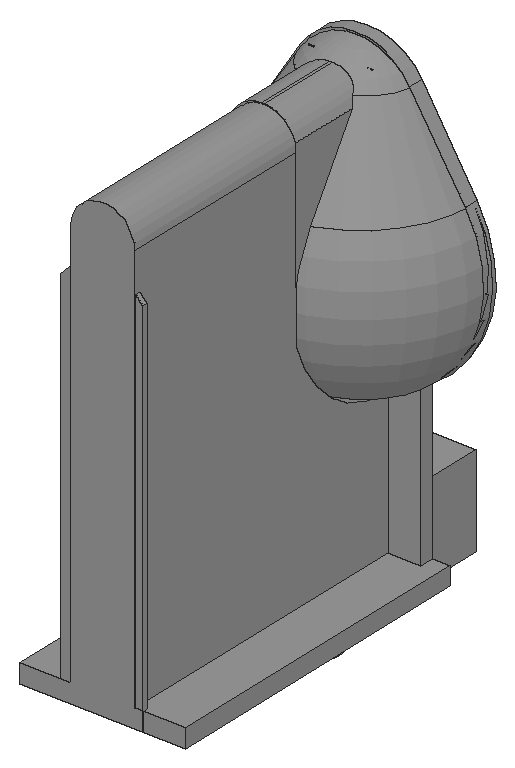
Revit family "Toilet-Willoughby-1490-ASETW-FM-HC-BS", category Plumbing Fixtures, host Face, Revit 2014
Parameters (values of type "Standard")
  Waste DIA = 2 1/2"
  Waste Connection = yes
  W-RAD [instance] = Waste DIA / 2  # 0' - 1 1/4"
  Vent Connection = no
  URL = "www.willoughby-ind.com"
  Type Comments = ""
  Revision = "A"
  Model = "ASETW-1490-FM-HC-BS"
  Manufacturer = "Willoughby Industries"
  HW Connection = no
  Flush inlet DIA = 1 1/2"
  Flush Inlet Connection = yes
  Fixture Body = Stainless Steel AISI 304-Willoughby
  F-RAD [instance] = Flush inlet DIA / 2  # 0' - 0 3/4"
  Description = "Ligature resistant /Handicap Toilet"
  Default Elevation = 0' - 0"
  Contact Number = "(800) 428-4065"
  CW Connection = no
Reference planes (in)
  plane 1 "Base": y = -16.25
  plane 2: z = 0
  plane 3 "Center": x = 18.31072
  plane 4 "Waste height": y = -4.75
  plane 5: y = -1.25
  plane 6: z = -6.75
  plane 7: y = -2.125
  plane 8: y = -14.0625
  plane 9: y = 0.5
  plane 10: x = 16.56072
  plane 11: x = 20.06072
  plane 12: x = 11.56072
  plane 13: x = 25.06072
  plane 14: z = -3
  plane 15: z = 25
  plane 16 "Floor level": y = -19.25
Forms (in)
  Extrusion 1, solid, material "Stainless Steel AISI 304-Willoughby" <- "Fixture Body"
    sketch origin (16.08109, 7.47968, -7.1422) x (-1, 0, 0) y (0, 0, -1)
      loop
        line (1.29775, -16.80087) -> (1.29775, -7.1422) -> (-5.72963, -7.1422) -> (-5.72963, -16.81676)
        arc (-5.72963, -16.81676) -> (-8.98136, -21.11843) -> (-8.21015, -26.45542) r 7
        line (-8.21015, -26.45542) -> (-5.16818, -31.31054)
        arc (-5.16818, -31.31054) -> (-2.20225, -32.95225) -> (0.76368, -31.31054) r 3.5
        line (0.76368, -31.31054) -> (3.80565, -26.45542)
        arc (3.80565, -26.45542) -> (4.5729, -21.10311) -> (1.29775, -16.80087) r 7
      loop
        arc (2.03989, -24.70557) -> (-2.20225, -18.23804) -> (-6.44438, -24.70557) r 4.625
        line (-6.44438, -24.70557) -> (-4.04125, -30.23842)
        arc (-4.04125, -30.23842) -> (-2.20225, -31.45225) -> (-0.36324, -30.23842) r 2
        line (-0.36324, -30.23842) -> (2.03989, -24.70557)
    from 8.72968 to 9.5
  Revolve 2, solid, material "Stainless Steel AISI 304-Willoughby" <- "Fixture Body"
    sketch origin (19.37246, -1.52032, -3.93826) x (-1, 0, 0) y (0, 0, -1)
      loop
        line (1.06174, -12.59906) -> (1.06174, -12.84906)
        arc (1.06174, -12.84906) -> (6.96784, -16.33096) -> (6.78077, -23.18447) r 6.75
        line (6.78077, -23.18447) -> (3.81535, -27.91457)
        arc (3.81535, -27.91457) -> (2.63527, -29.03194) -> (1.06174, -29.43826) r 3.25
        line (1.06174, -29.43826) -> (1.06174, -29.68826)
        arc (1.06174, -29.68826) -> (2.75672, -29.25045) -> (4.02767, -28.04656) r 3.5
        line (4.02767, -28.04656) -> (7.06964, -23.19143)
        arc (7.06964, -23.19143) -> (7.15052, -16.14555) -> (1.06174, -12.59906) r 7
      axis (1.06174, -12.59906) -> (1.06174, -29.68826)
    angle from 0 to -180
  Extrusion 3, solid, material "Stainless Steel AISI 304-Willoughby" <- "Fixture Body"
    sketch origin (19.53334, -3.02032, -4.9508) x (0, 1, 0) y (0, 0, 1)
      loop
        line (-5.27082, 4.9508) -> (1, 4.9508) -> (1, 13.76086)
        arc (1, 13.76086) -> (-2.93256, 15.26109) -> (-5.27082, 18.76086) r 6.92744
        line (-5.27082, 18.76086) -> (-5.27082, 4.9508)
    from 0.52738 to -2.97262
  Extrusion 4, solid, material "Stainless Steel AISI 304-Willoughby" <- "Fixture Body"
    sketch origin (0, 14.59309, -3) x (1, 0, 0) y (0, 1, 0)
      loop
        circle (18.31072, -19.34309) r 1.25
    from 5.5 to 0
  Extrusion 5, solid, material "Stainless Steel AISI 304-Willoughby" <- "Fixture Body"
    sketch origin (18.31072, 0, -1) x (0, 1, 0) y (0, 0, 1)
      loop
        line (-1.25, 1) -> (1.75, 1) -> (1.75, 6) -> (-1.25, 6) -> (-1.25, 1)
    from -3.52738 to 3.5
  Extrusion 6, solid, material "Stainless Steel AISI 304-Willoughby" <- "Fixture Body"
    sketch origin (0, 0, 0) x (1, 0, 0) y (0, 1, 0)
      loop
        circle (18.31072, 0.5) r 0.75
    from 0 to 1
  Extrusion 7, solid, material "Stainless Steel AISI 304-Willoughby" <- "Fixture Body"
    sketch origin (0, -16.25, 0) x (1, 0, 0) y (0, 0, 1)
      loop
        line (22.81072, 0) -> (22.81072, 1) -> (13.81072, 1) -> (13.81072, 0) -> (22.81072, 0)
    from -15 to 3
  Extrusion 8, solid, material "Stainless Steel AISI 304-Willoughby" <- "Fixture Body"
    sketch origin (0, -16.25, 0) x (1, 0, 0) y (0, 0, 1)
      loop
        line (20.06072, 0) -> (20.06072, 23.28412)
        arc (20.06072, 23.28412) -> (18.31072, 25.03412) -> (16.56072, 23.28412) r 1.75
        line (16.56072, 23.28412) -> (16.56072, 0) -> (20.06072, 0)
    from 3 to -7.95886
  Extrusion 9, solid, material "Stainless Steel AISI 304-Willoughby" <- "Fixture Body"
    sketch origin (0, -19.25, -12) x (0, 0, -1) y (-1, 0, 0)
      loop
        line (-12, -19.99494) -> (-12, -16.49494) -> (-12, -15.99494) -> (-32.75, -15.99494) -> (-33.25, -16.49494) -> (-33.25, -19.99494) -> (-32.75, -20.49494) -> (-12, -20.49494) -> (-12, -19.99494)
    from 0.2712 to 0
  Extrusion 10, solid, material "Stainless Steel AISI 304-Willoughby" <- "Fixture Body"
    sketch origin (18.31072, 0, 0) x (0, 1, 0) y (0, 0, 1)
      loop
        line (-3.0438, 25.03193) -> (-8.29114, 25.03193) -> (-8.29114, 16.73622)
        arc (-8.29114, 16.73622) -> (-8.25839, 17.11069) -> (-8.16113, 17.47379) r 2.15729
        arc (-8.16113, 17.47379) -> (-7.78826, 18.37428) -> (-7.33828, 19.23882) r 11.16687
        arc (-7.33828, 19.23882) -> (-5.85557, 21.70663) -> (-4.28753, 24.12112) r 82.3759
        arc (-4.28753, 24.12112) -> (-3.71235, 24.64027) -> (-3.0438, 25.03193) r 3.79911
    from 1.75 to -1.75
  Extrusion 11, void
    sketch origin (0, -16.25, 0) x (1, 0, 0) y (0, 0, 1)
      loop
        arc (16.43207, 23.28193) -> (16.94463, 24.51936) -> (18.18207, 25.03193) r 1.75
        line (18.18207, 25.03193) -> (16.43207, 25.03193) -> (16.43207, 23.28193)
    from -7.95886 to -13.18331
  Extrusion 12, void
    sketch origin (0, -16.25, 0) x (1, 0, 0) y (0, 0, 1)
      loop
        arc (18.34313, 25.03193) -> (19.49966, 24.59853) -> (20.12234, 23.53193) r 1.84176
        line (20.12234, 23.53193) -> (20.12234, 25.03193) -> (18.34313, 25.03193)
    from -7.95886 to -13.18919
Cuts and joins
  joined: Extrusion 3, Extrusion 5, Extrusion 7, Extrusion 8
  Extrusion 11, Extrusion 12 cuts Extrusion 10
Lines and regions (in)
  symbolic lines
    curve 1: line (13.81072, -19.25, 0) -> (13.81072, -1.25, 0)
    curve 2: line (22.81072, -19.25, 0) -> (22.81072, -1.25, 0)
    curve 3: line (13.81072, -19.25, 0) -> (22.81072, -19.25, 0)
    curve 4: line (11.28334, -2.02032, 0) -> (11.28334, -1.25, 0)
    curve 5: line (11.28334, -1.25, 0) -> (25.28334, -1.25, 0)
    curve 6: line (25.28334, -1.25, 0) -> (25.28334, -2.02032, 0)
    curve 7: line (14.78334, -1.25, 0) -> (14.78334, 1.75, 0)
    curve 8: line (14.78334, 1.75, 0) -> (21.81072, 1.75, 0)
    curve 9: line (21.81072, 1.75, 0) -> (21.81072, -1.25, 0)
    curve 10: arc (25.28334, -2.02032, 0) -> (23.08185, -6.64916, 0) -> (18.31072, -8.52239, 0) r 6.97293
    curve 11: arc (18.31072, -8.52239, 0) -> (13.52793, -6.64299, 0) -> (11.28334, -2.02032, 0) r 7.06571
    curve 12: line (16.56072, -8.2982, 0) -> (16.56072, -19.25, 0)
    curve 13: line (20.06072, -19.25, 0) -> (20.06072, -8.30327, 0)
    curve 18: line (13.81072, -16.25, 0) -> (22.81072, -16.25, 0)
    curve 19: line (22.81072, -16.25, 0) -> (22.81072, -16.25, 1)
    curve 20: line (22.81072, -16.25, 1) -> (21.81072, -16.25, 1)
    curve 21: line (21.81072, -16.25, 0) -> (21.81072, -16.25, 9.67456)
    curve 22: line (14.78334, -16.25, 0) -> (14.78334, -16.25, 9.65867)
    curve 23: line (14.78334, -16.25, 1) -> (13.81072, -16.25, 1)
    curve 24: line (13.81072, -16.25, 1) -> (13.81072, -16.25, 0)
    curve 25: line (21.81072, -16.25, 5) -> (14.78334, -16.25, 5)
    curve 26: arc (21.81072, -16.25, 9.67456) -> (25.06245, -16.25, 13.97624) -> (24.29124, -16.25, 19.31322) r 7
    curve 27: line (24.29124, -16.25, 19.31322) -> (21.24927, -16.25, 24.16835)
    curve 28: arc (21.24927, -16.25, 24.16835) -> (19.98923, -16.25, 25.34792) -> (18.31072, -16.25, 25.75) r 3.37397
    curve 29: arc (18.31072, -16.25, 25.75) -> (16.62783, -16.25, 25.31163) -> (15.31741, -16.25, 24.16835) r 3.79331
    curve 30: line (15.31741, -16.25, 24.16835) -> (12.35249, -16.25, 19.43905)
    curve 31: arc (12.35249, -16.25, 19.43905) -> (11.49002, -16.25, 14.03241) -> (14.78334, -16.25, 9.65867) r 7
    curve 37: line (18.31072, -3.6549, 25.03412) -> (18.31072, -19.25, 25.03412)
    curve 38: line (18.31072, -19.25, 25.03412) -> (18.31072, -19.25, 0)
    curve 39: line (18.31072, -16.25, 0) -> (18.31072, 1.75, 0)
    curve 40: line (18.31072, 1.75, 0) -> (18.31072, 1.75, 5)
    curve 41: line (18.31072, 1.75, 5) -> (18.31072, -1.25, 5)
    curve 42: line (18.31072, -1.25, 5) -> (18.31072, -1.25, 25.81005)
    curve 43: line (18.31072, -1.25, 25.81005) -> (18.31072, -2.02032, 25.81005)
    curve 44: arc (18.31072, -2.02032, 25.81005) -> (18.31072, -3.17426, 25.3587) -> (18.31072, -4.14211, 24.58504) r 4.1253
    curve 45: line (18.31072, -4.14211, 24.58504) -> (18.31072, -7.52822, 19.25317)
    curve 46: arc (18.31072, -7.52822, 19.25317) -> (18.31072, -8.16721, 17.9023) -> (18.31072, -8.45513, 16.43593) r 6.04234
    curve 47: arc (18.31072, -8.45513, 16.43593) -> (18.31072, -8.2983, 15.12766) -> (18.31072, -8.29114, 13.81005) r 11.57712
    curve 48: arc (18.31072, -8.29114, 13.81005) -> (18.31072, -5.95289, 10.31029) -> (18.31072, -2.02032, 8.81005) r 6.92744
    curve 49: line (18.31072, -1.25, 9.65867) -> (18.31072, -2.02032, 9.65867)
    curve 50: line (18.31072, -2.02032, 9.65867) -> (18.31072, -2.02032, 1)
    curve 51: line (18.31072, -2.02032, 1) -> (18.31072, -19.25, 1)
  symbolic lines, detail levels medium+fine
    curve 14: line (20.06072, -18.9788, 0) -> (20.56072, -18.9788, 0)
    curve 15: line (20.56072, -18.9788, 0) -> (20.56072, -19.25, 0)
    curve 16: line (16.56072, -18.9788, 0) -> (16.06072, -18.9788, 0)
    curve 17: line (16.06072, -18.9788, 0) -> (16.06072, -19.25, 0)
  symbolic lines, detail levels fine
    curve 32: arc (14.0412, -16.25, 17.56337) -> (18.28334, -16.25, 11.09585) -> (22.52547, -16.25, 17.56337) r 4.625
    curve 33: line (22.52547, -16.25, 17.56337) -> (20.12234, -16.25, 23.09622)
    curve 34: arc (20.12234, -16.25, 23.09622) -> (19.38317, -16.25, 23.97635) -> (18.28334, -16.25, 24.31005) r 2.01767
    curve 35: arc (18.28334, -16.25, 24.31005) -> (17.17969, -16.25, 23.98213) -> (16.44433, -16.25, 23.09622) r 1.9827
    curve 36: line (16.44433, -16.25, 23.09622) -> (14.0412, -16.25, 17.56337)
Dimensions and locks (in)
  locked: plane 1 "Base" to plane 4 "Waste height" at 11.5
  locked: plane 1 "Base" to plane 5 at 15
  locked: plane 1 "Base" to plane 9 at 16.75
  locked: cut or joined group of Extrusion 3, Extrusion 5, Extrusion 7, Extrusion 8 to cut or joined group of Extrusion 3, Extrusion 5, Extrusion 7, Extrusion 8 at 9
  plane 15 to level = 2' - 1"
  plane 8 to plane 1 "Base" = 0' - 2 3/16"
  "W-RAD": radius of Extrusion 4 sketch curve
  "F-RAD": radius of Extrusion 6 sketch curve
  aligned and locked: plane 2 to host face
  aligned and locked: level to host face
  aligned and locked: plane 3 "Center" to Extrusion 4 sketch curve
  aligned and locked: plane 4 "Waste height" to Extrusion 4 sketch curve
  aligned and locked: plane 9 to Extrusion 6 sketch curve
  aligned and locked: plane 3 "Center" to Extrusion 6 sketch curve
Automatic sketch dimensions
  curve 26 to curve 31 = 0' - 0"  (x2)
  curve 26 to curve 32 = 0' - 0"  (x2)
  curve 31 to curve 32 = 0' - 0"  (x2)
  curve 24 to level = 0' - 0"
  curve 28 to plane 3 "Center" = 0' - 0"
  curve 29 to plane 3 "Center" = 0' - 0"
  curve 32 to plane 3 "Center" = 0' - 0.02738"
  curve 35 to plane 3 "Center" = 0' - 0.03882"
  curve 34 to curve 35 = 0' - 0.0002"
  curve 36 to plane 10 = 0' - 0.11639"
  curve 30 to plane 10 = 0' - 1.24331"
  curve 22 to plane 10 = 0' - 1.77738"
  plane 12 to curve 36 = 0' - 2 123/256"
  curve 18 to curve 22 = 0' - 0.97262"
  plane 12 to curve 30 = 0' - 0.79177"
  plane 3 "Center" to curve 28 = 0' - 0.07942"
  plane 3 "Center" to curve 29 = 0' - 0.08929"
  plane 11 to curve 33 = 0' - 0.06162"
  curve 27 to plane 15 = 0' - 0.83165"
  plane 11 to curve 27 = 0' - 1.18855"
  plane 11 to curve 21 = 0' - 1 3/4"
  plane 11 to curve 33 = 0' - 2.46475"
  curve 20 to curve 19 = 0' - 1"
  curve 27 to plane 13 = 0' - 0.76948"
  curve 18 to curve 19 = 0' - 1"
  curve 18 to curve 24 = 0' - 1"
  curve 23 to curve 22 = 0' - 8.65867"
  curve 22 to curve 21 = 0' - 0.01589"
  curve 22 to curve 31 = 0' - 6.06218"
  curve 36 to curve 30 = 0' - 1.87568"
  curve 29 to plane 15 = 0' - 3.04226"
  curve 34 to curve 28 = 0' - 0.08455"
  curve 34 to curve 35 = 0' - 0.03496"
  curve 36 to curve 29 = 0' - 1.07212"
  curve 33 to curve 27 = 0' - 1.07212"
  curve 20 to curve 25 = 0' - 4"
  host sketch curve to host sketch curve = 3' - 1.13155"
  host sketch curve to host sketch curve = 2' - 10.84193"
  Extrusion 1 sketch curve to Extrusion 1 sketch curve = 0' - 0"  (x8)
  Extrusion 1 sketch curve to level = 0' - 0"
  Extrusion 1 sketch curve to plane 13 = 0' - 0.76948"
  plane 11 to Extrusion 1 sketch curve = 0' - 2.46475"
  plane 11 to Extrusion 1 sketch curve = 0' - 1 3/4"
  plane 11 to Extrusion 1 sketch curve = 0' - 1.18855"
  plane 11 to Extrusion 1 sketch curve = 0' - 0.06162"
  Extrusion 1 sketch curve to plane 3 "Center" = 0' - 0.02738"  (x2)
  Extrusion 1 sketch curve to plane 10 = 0' - 0.11639"
  Extrusion 1 sketch curve to plane 15 = 0' - 0.83165"
  Extrusion 1 sketch curve to plane 10 = 0' - 1.24331"
  Extrusion 1 sketch curve to plane 10 = 0' - 1.77738"
  plane 12 to Extrusion 1 sketch curve = 0' - 2 123/256"
  plane 12 to Extrusion 1 sketch curve = 0' - 0.71472"
  Extrusion 1 sketch curve to Extrusion 1 sketch curve = 0' - 1.07212"
  Extrusion 1 sketch curve to Extrusion 1 sketch curve = 0' - 0.78617"
  Extrusion 1 sketch curve to Extrusion 1 sketch curve = 0' - 3.783"  (x2)
  Extrusion 1 sketch curve to Extrusion 1 sketch curve = 0' - 1.74985"
  Extrusion 1 sketch curve to Extrusion 1 sketch curve = 0' - 1.84253"
  Revolve 2 sketch curve to Revolve 2 sketch curve = 0' - 0"  (x2)
  Revolve 2 sketch curve to plane 3 "Center" = 0' - 0"  (x3)
  plane 3 "Center" to Revolve 2 sketch curve = 0' - 0"
  Revolve 2 sketch curve to plane 10 = 0' - 1.00361"
  Revolve 2 sketch curve to plane 15 = 0' - 0.8917"
  Revolve 2 sketch curve to Revolve 2 sketch curve = 0' - 0.21232"
  plane 12 to Revolve 2 sketch curve = 0' - 1.03097"
  Revolve 2 sketch curve to Revolve 2 sketch curve = 0' - 0.28887"
  plane 15 to Revolve 2 sketch curve = 0' - 0 1/2"
  Revolve 2 sketch curve to Revolve 2 sketch curve = 0' - 0 1/4"
  Revolve 2 sketch curve to Revolve 2 sketch curve = 0' - 0.13199"
  Revolve 2 sketch curve to Revolve 2 sketch curve = 0' - 4.85513"
  Revolve 2 sketch curve to Revolve 2 sketch curve = 0' - 0.00696"
  Revolve 2 sketch curve to Revolve 2 sketch curve = 0' - 6.5892"
  Revolve 2 sketch curve to Revolve 2 sketch curve = 0' - 3 1/4"
  Revolve 2 sketch curve to Revolve 2 sketch curve = 0' - 2.4108"
  Extrusion 3 sketch curve to level = 0' - 0"
  plane 4 "Waste height" to Extrusion 3 sketch curve = 0' - 3.54114"
  plane 7 to Extrusion 3 sketch curve = 0' - 0.10468"
  plane 5 to Extrusion 3 sketch curve = 0' - 0.38413"
  Extrusion 3 sketch curve to Extrusion 3 sketch curve = 0' - 8.81005"
  Extrusion 3 sketch curve to Extrusion 3 sketch curve = 0' - 5"
  Extrusion 5 sketch curve to level = 0' - 0"
  Extrusion 5 sketch curve to plane 5 = 0' - 0"
  Extrusion 5 sketch curve to plane 9 = 0' - 1 1/4"
  Extrusion 5 sketch curve to Extrusion 5 sketch curve = 0' - 5"
  Extrusion 7 sketch curve to level = 0' - 0"
  plane 12 to Extrusion 7 sketch curve = 0' - 2 1/4"
  level to Extrusion 7 sketch curve = 0' - 1"
  Extrusion 7 sketch curve to plane 13 = 0' - 2 1/4"
  Extrusion 8 sketch curve to level = 0' - 0"
  Extrusion 8 sketch curve to plane 10 = 0' - 0"
  Extrusion 8 sketch curve to plane 3 "Center" = 0' - 0"
  Extrusion 8 sketch curve to plane 15 = 0' - 1.71588"
  plane 15 to Extrusion 10 sketch curve = 0' - 0.03193"
  plane 4 "Waste height" to Extrusion 10 sketch curve = 0' - 3.54114"
  plane 4 "Waste height" to Extrusion 10 sketch curve = 0' - 1.38385"
  Extrusion 10 sketch curve to plane 7 = 0' - 0.9188"
  plane 5 to Extrusion 10 sketch curve = 0' - 0.21771"
  Extrusion 10 sketch curve to plane 9 = 0' - 1.83279"
  Extrusion 10 sketch curve to plane 6 = 1' - 3.19552"
  Extrusion 10 sketch curve to plane 9 = 5' - 3.50343"
  Extrusion 10 sketch curve to plane 15 = 0' - 11.34412"
  Extrusion 10 sketch curve to plane 15 = 0' - 8.26378"
  Extrusion 10 sketch curve to plane 15 = 0' - 3.42484"
  Extrusion 10 sketch curve to Extrusion 10 sketch curve = 0' - 0"  (x2)
  plane 15 to Extrusion 11 sketch curve = 0' - 0.03193"
  Extrusion 11 sketch curve to plane 10 = 0' - 0.12865"
  Extrusion 11 sketch curve to plane 3 "Center" = 0' - 0.12865"
  plane 3 "Center" to Extrusion 12 sketch curve = 0' - 0.0018"
  plane 15 to Extrusion 12 sketch curve = 0' - 0.03193"
  plane 11 to Extrusion 12 sketch curve = 0' - 0.06162"
  plane 3 "Center" to Extrusion 12 sketch curve = 0' - 0.03241"
  Extrusion 12 sketch curve to plane 15 = 0' - 1.46807"
  Extrusion 9 sketch curve to level = 0' - 0"
  Extrusion 9 sketch curve to plane 10 = 0' - 0.56578"
  Extrusion 9 sketch curve to plane 15 = 0' - 4 1/4"  (x2)
  plane 11 to Extrusion 9 sketch curve = 0' - 0.43422"
  Extrusion 9 sketch curve to plane 11 = 0' - 0.06578"  (x2)
  Extrusion 9 sketch curve to Extrusion 9 sketch curve = 0' - 0 1/2"
  Extrusion 9 sketch curve to plane 10 = 0' - 0.06578"  (x2)
  curve 38 to plane 16 "Floor level" = 0' - 0"
  curve 39 to level = 0' - 0"
  curve 39 to plane 1 "Base" = 0' - 0"
  curve 42 to plane 5 = 0' - 0"
  curve 38 to level = 0' - 0"
  curve 47 to plane 16 "Floor level" = 0' - 0.6029"
  plane 4 "Waste height" to curve 45 = 0' - 2.77822"
  curve 45 to plane 4 "Waste height" = 0' - 0.60789"
  curve 46 to plane 7 = 0' - 0.30255"
  plane 7 to curve 50 = 0' - 0.10468"
  plane 7 to curve 43 = 0' - 0.10468"
  plane 5 to curve 48 = 0' - 0.38413"
  curve 44 to plane 5 = 0' - 0.13839"
  curve 40 to plane 9 = 0' - 1 1/4"
  level to curve 50 = 0' - 1"
  level to curve 40 = 0' - 5"
  curve 41 to curve 49 = 0' - 4.65867"
  curve 47 to plane 15 = 0' - 10.59394"
  curve 49 to curve 48 = 0' - 6.06805"
  curve 48 to curve 46 = 0' - 0.28717"
  curve 45 to plane 15 = 0' - 5.74683"
  curve 45 to plane 15 = 0' - 0.41496"
  plane 15 to curve 37 = 0' - 0.03412"
  curve 46 to curve 45 = 0' - 0.92691"
  curve 47 to curve 48 = 0' - 0.16399"
  curve 45 to curve 37 = 0' - 0.48722"
  plane 5 to curve 5 = 0' - 0"
  curve 3 to plane 16 "Floor level" = 0' - 0"
  curve 16 to plane 10 = 0' - 0"
  curve 11 to plane 3 "Center" = 0' - 0"
  curve 10 to plane 3 "Center" = 0' - 0"
  curve 13 to plane 11 = 0' - 0"
  curve 16 to plane 10 = 0' - 0 1/2"
  curve 8 to plane 10 = 0' - 1.77738"
  curve 1 to curve 17 = 0' - 2 1/4"
  plane 7 to curve 4 = 0' - 0.10468"
  curve 4 to plane 12 = 0' - 0.27738"
  plane 3 "Center" to curve 10 = 0' - 0 1/64"
  plane 3 "Center" to curve 11 = 0' - 0.01581"
  plane 11 to curve 8 = 0' - 1 3/4"
  curve 3 to plane 13 = 0' - 2 1/4"
  curve 2 to curve 5 = 0' - 2.47262"
  plane 16 "Floor level" to curve 17 = 0' - 0.2712"
  plane 7 to curve 6 = 0' - 0.10468"
  curve 8 to plane 9 = 0' - 1 1/4"
  plane 11 to curve 14 = 0' - 0 1/2"
  curve 15 to curve 14 = 0' - 0.2712"
Connectors (in)
  piping at (18.31072, -4.75, -3), diameter 2.5, driven by "W-RAD", driven by "Waste Connection"
    settings: on Extrusion 4, index 1, connector inside diameter 2 1/2", connector length 0' - 0", flow factor 0, pipe flow 0 GPM, pressure drop 0.00 psi, fitting loss kfactor 0, connector angle 0.00°, fixture units 0, engagement length 0' - 0", angle of deflection 0.00°, flow configuration 0, flow direction 2, fitting loss method 0, system type 16, joint type 0, gender type 0, connector reference index -1, connector utility 1, adjustable connector yes, is connector primary yes, connector description "Toilet Waste"
  piping at (18.31072, 0.5, 1), diameter 1.5, driven by "F-RAD", driven by "Flush Inlet Connection"
    settings: on Extrusion 6, index 2, connector inside diameter 1 1/2", connector length 0' - 0", flow factor 0, pipe flow 0 GPM, pressure drop 0.00 psi, fitting loss kfactor 0, connector angle 0.00°, fixture units 0, engagement length 0' - 0", angle of deflection 0.00°, flow configuration 0, flow direction 1, fitting loss method 0, system type 20, joint type 0, gender type 0, connector reference index -1, connector utility 1, adjustable connector no, is connector primary no, connector description "Flush Inlet"
